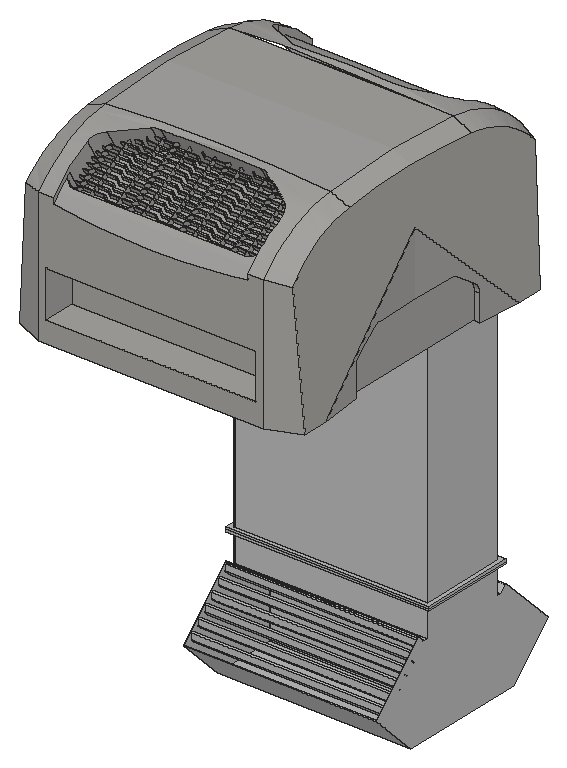
Revit family "OXeN X2-W-1.2-H podstropní_RFA2019", category Mechanical Equipment, host Face, Revit 2019
Family settings
  Host = Face
  Round Connector Dimension = Use Diameter
  Part Type = Normal
  Cut with Voids When Loaded = No
  Shared = No
  Room Calculation Point = No
Parameters (values of type "X2-W-1.2-H")
  Weight of unit filled with water = 73.40 kg
  Weight of unit = 72.60 kg
  Water stream flow in the heat exchanger = 0 L/s
  Water pressure drop in the heat exchanger = 0 kPa
  URL = "www.hydronic.cz"
  Type Comments = "podstropní instalace; výměník PN16; twmax=95°C; regulace vzduchového výkonu - spojitá 0-100%; filtr =EU4; IP42; vertikální neizotermický (dt=5K) dosah pro koncovou rychlost 0,2m/s =max.4,5m"
  Thickness of the ceiling [instance] = 370.00 mm
  Product data = ""
  Power supply = 230 V
  Power ratio = 0.98
  Outlet water temperature (Tw2) = 0 °C
  Outlet air temperature (Tp2) = 0 °C
  Max. current consumption = 1.9 A
  Material = FLOWAIR-EPP-Gray
  Manufacturer = "Hydronic Systems Prague s.r.o."
  Load classification = Motor
  Keynote = ""
  Inlet water temperature (Tw1) = 0 °C
  Inlet air temperature (Tp1) = 0 °C
  Heating capacity = 0 kW
  Distance from the ceiling [instance] = 100.00 mm
  Description = "Bezkanálová větrací jednotka s rekuperací"
  Model = "OXeN X2-W-1.2-H"
  IP = "42"
  Default Elevation = 0.00 mm
  Connection = 1/2"
  Author = ""
  Assembly Code = "30032; podstropní; s teplovodním dohřevem - P=10kW při 80/60/5; (Qmax=1200m3/h při 100% vzduchovém výkonu a dpext=0Pa);"
  Apparent power = Power supply * Max. current consumption  # 437 VA
  Air flow = 1200 m³/h
Reference planes
  plane 1 "Środek (Przód/Tył)": y = 0
  plane 2: z = 0
  plane 3 "Środek (Lewa/Prawa)": x = 0
  plane 4: z = -370
  plane 5: y = 1127.769
  plane 6: z = 100
  plane 7: z = 20
  plane 8: z = -980
Forms (mm)
  Extrusion 1, void
    sketch origin (0, 0, 0) x (0, 1, 0) y (0, 0, 1)
      loop
        line (1332.769, 0) -> (922.769, 0) -> (922.769, -370) -> (1332.769, -370) -> (1332.769, 0)
    from 422.5 to -422.5
Dimensions and locks
  "Thickness of the ceiling": level to plane 4
  "Distance from the ceiling": plane 6 to level
  locked: plane 6 to plane 7 at 80
  locked: plane 8 to plane 7 at 1000
  aligned and locked: plane 2 to host face
  aligned and locked: level to host face
  aligned and locked: Extrusion 1 sketch curve to level
  aligned and locked: plane 4 to Extrusion 1 sketch curve
  aligned and locked: plane 3 "Środek (Lewa/Prawa)" to nested 2
  aligned and locked: nested 2 to plane 5
  aligned and locked: nested 3 to plane 5
  aligned and locked: plane 3 "Środek (Lewa/Prawa)" to nested 3
  aligned and locked: plane 6 to nested 3
  aligned and locked: nested 2 to plane 7
  aligned and locked: nested 4 to plane 8
  aligned and locked: nested 4 to plane 5
  aligned and locked: plane 3 "Środek (Lewa/Prawa)" to nested 4
Automatic sketch dimensions
  host sketch curve to host sketch curve = 2438.40 mm
  host sketch curve to host sketch curve = 1900.00 mm
  Extrusion 1 sketch curve to plane 1 "Środek (Przód/Tył)" = 922.769 mm
  Extrusion 1 sketch curve to Extrusion 1 sketch curve = 410.00 mm
Nested families
  nested 1: "OXeN" at (0, 0, 100), built-in parameter 1001364 <- "Distance from the ceiling", type "OXeN"
  nested 2: "FLOWAIR OxE-H" at (0, 1127.769, -980), type "OxE-H"
  nested 3: "FLOWAIR OxC2-H" at (0, 1127.769, 20), type "OxC2-H"
  nested 4: "FLOWAIR OxS-H" at (0, 1127.769, -980), type "OxS-H"
Connectors
  piping at (495, 239, 353), diameter 12.7, driven by "Connection", driven by "Water stream flow in the heat exchanger", driven by "Water pressure drop in the heat exchanger"
    settings: on nested 1, index 6, connector inside diameter 24", connector length 0.00 mm, flow factor 0, pipe flow 0 L/s, pressure drop 0 kPa, fitting loss kfactor 0, connector angle 0.00°, fixture units 0, engagement length 0.00 mm, angle of deflection 0.00°, flow configuration 1, flow direction 2, fitting loss method 4, system type 8, joint type 0, gender type 0, connector reference index -1, connector utility 0, adjustable connector no, is connector primary no, connector description ""
  piping at (480, 189, 378), diameter 12.7, driven by "Connection", driven by "Water stream flow in the heat exchanger", driven by "Water pressure drop in the heat exchanger"
    settings: on nested 1, index 7, connector inside diameter 24", connector length 0.00 mm, flow factor 0, pipe flow 0 L/s, pressure drop 0 kPa, fitting loss kfactor 0, connector angle 0.00°, fixture units 0, engagement length 0.00 mm, angle of deflection 0.00°, flow configuration 1, flow direction 1, fitting loss method 4, system type 7, joint type 0, gender type 0, connector reference index -1, connector utility 0, adjustable connector no, is connector primary yes, connector description ""
  electrical at (0, 684.634, 100), driven by "Power supply", driven by "Apparent power", driven by "Power ratio", driven by "Load classification"
    settings: on nested 1, index 8, voltage 230 V, apparent load 437 VA, apparent load phase1 0 VA, apparent load phase2 0 VA, apparent load phase3 0 VA, power factor 0.98, load classification "Motor", number of poles 1, system type 30, power factor state 1, is connector primary yes, connector utility no, sub classification motor no, connector description ""
  electrical at (545, 684.634, 241.254)
    settings: on nested 1, index 9, voltage 0 V, apparent load 0 VA, apparent load phase1 0 VA, apparent load phase2 0 VA, apparent load phase3 0 VA, power factor 1, load classification "Inne", number of poles 1, system type 13, power factor state 1, is connector primary no, connector utility no, sub classification motor no, connector description ""
Definition of nested family "OXeN"
  Parameters
    materiał = none
  Reference planes
    plane 1 "Środek (Przód/Tył)": y = 0
    plane 2: z = 0
    plane 3 "Środek (Lewa/Prawa)": x = 0
    plane 4: y = 684.634
    plane 5: through (0, 340, 716.901) normal (0, -0.5, 0.866)
  Forms (mm)
    Sweep 1, solid, material <- "materiał", detail levels fine
      path origin (0, 0, 0) x (0, 1, 0) y (0, 0, 1)
        loop
          line (1369.269, 0) -> (1369.269, 562.087)
          arc (1369.269, 562.087) -> (1205.496, 690.06) -> (1006.547, 750.205) r 565.368
          arc (1006.547, 750.205) -> (684.634, 767.72) -> (362.722, 750.205) r 2966.958
          arc (362.722, 750.205) -> (163.772, 690.06) -> (0, 562.087) r 565.368
          line (0, 562.087) -> (0, 0)
      profile origin (0, 1369.269, 281.043) x (0, -1, 0) y (1, 0, 0)
        loop
          line (20, -465) -> (159.403, -465) -> (159.403, 465) -> (20, 465)
          arc (20, 465) -> (0, 0) -> (20, -465) r 5415.625
    Sweep 2, solid, material <- "materiał", detail levels fine
      path origin (0, 0, 0) x (0, 1, 0) y (0, 0, 1)
        loop
          line (1369.269, 0) -> (1369.269, 514.96)
          arc (1369.269, 514.96) -> (1207.249, 655.027) -> (1003.292, 720.382) r 535.368
          arc (1003.292, 720.382) -> (684.634, 737.72) -> (365.977, 720.382) r 2936.958
          arc (365.977, 720.382) -> (162.02, 655.027) -> (0, 514.96) r 535.368
          line (0, 514.96) -> (0, 0)
      profile origin (0, 1369.269, 257.48) x (0, -1, 0) y (1, 0, 0)
        loop
          line (20, -465) -> (159.403, -465) -> (159.403, 465) -> (20, 465)
          arc (20, 465) -> (0, 0) -> (20, -465) r 5415.625
    Extrusion 3, void
      sketch origin (0, 0, 0) x (1, 0, 0) y (0, 1, 0)
        loop
          arc (207.827, 1029.269) -> (224.356, 1031.476) -> (239.726, 1037.942) r 63
          line (239.726, 1037.942) -> (367.198, 1112.79)
          arc (367.198, 1112.79) -> (392.866, 1138.741) -> (402.248, 1174.016) r 71
          line (402.248, 1174.016) -> (402.248, 1377.626) -> (-402.248, 1377.626) -> (-402.248, 1174.016)
          arc (-402.248, 1174.016) -> (-392.866, 1138.741) -> (-367.198, 1112.79) r 71
          line (-367.198, 1112.79) -> (-239.726, 1037.942)
          arc (-239.726, 1037.942) -> (-224.356, 1031.476) -> (-207.827, 1029.269) r 63
          line (-207.827, 1029.269) -> (207.827, 1029.269)
      from 490.327 to 774.857
    Extrusion 4, solid, material <- "materiał", detail levels fine
      sketch origin (0, 0, 0) x (0, 1, 0) y (0, 0, 1)
        loop
          arc (1209.866, 455.203) -> (1106.984, 527.552) -> (985.997, 561.92) r 375.966
          arc (985.997, 561.92) -> (684.634, 578.317) -> (383.272, 561.92) r 2777.556
          arc (383.272, 561.92) -> (262.285, 527.552) -> (159.403, 455.203) r 375.966
          line (159.403, 455.203) -> (159.403, 0) -> (1209.866, 0) -> (1209.866, 455.203)
      from -465 to 465
    Blend 5, solid, material <- "materiał", detail levels fine
      base sketch origin (0, 0, 0) x (0, 1, 0) y (0, 0, 1)
        loop
          arc (1004.377, 730.323) -> (684.634, 747.72) -> (364.892, 730.323) r 2946.958
          arc (364.892, 730.323) -> (176.315, 674.021) -> (20, 554.451) r 545.368
          line (20, 554.451) -> (20, 0) -> (1349.269, 0) -> (1349.269, 554.451)
          arc (1349.269, 554.451) -> (1192.954, 674.021) -> (1004.377, 730.323) r 545.368
      top sketch origin (0, 0, 0) x (0, 1, 0) y (0, 0, 1)
        loop
          line (1294.269, 0) -> (1294.269, 532.58)
          arc (1294.269, 532.58) -> (1158.681, 629.636) -> (998.409, 675.647) r 490.368
          arc (998.409, 675.647) -> (684.634, 692.72) -> (370.86, 675.647) r 2891.958
          arc (370.86, 675.647) -> (210.588, 629.636) -> (75, 532.58) r 490.368
          line (75, 532.58) -> (75, 0) -> (1294.269, 0)
      from 465 to 589
    Blend 6, solid, material <- "materiał", detail levels fine
      base sketch origin (0, 0, 0) x (0, 1, 0) y (0, 0, -1)
        loop
          arc (1004.377, -730.323) -> (1192.954, -674.021) -> (1349.269, -554.451) r 545.368
          line (1349.269, -554.451) -> (1349.269, 0) -> (20, 0) -> (20, -554.451)
          arc (20, -554.451) -> (176.315, -674.021) -> (364.892, -730.323) r 545.368
          arc (364.892, -730.323) -> (684.634, -747.72) -> (1004.377, -730.323) r 2946.958
      top sketch origin (0, 0, 0) x (0, 1, 0) y (0, 0, -1)
        loop
          line (1294.269, 0) -> (75, 0) -> (75, -532.58)
          arc (75, -532.58) -> (210.588, -629.636) -> (370.86, -675.647) r 490.368
          arc (370.86, -675.647) -> (684.634, -692.72) -> (998.409, -675.647) r 2891.958
          arc (998.409, -675.647) -> (1158.681, -629.636) -> (1294.269, -532.58) r 490.368
          line (1294.269, -532.58) -> (1294.269, 0)
      from 465 to 589
    Blend 7, solid, material <- "materiał", detail levels medium
      base sketch origin (0, 0, 0) x (0, 1, 0) y (0, 0, -1)
        loop
          arc (1004.377, -730.323) -> (1192.954, -674.021) -> (1349.269, -554.451) r 545.368
          line (1349.269, -554.451) -> (1349.269, 0) -> (20, 0) -> (20, -554.451)
          arc (20, -554.451) -> (176.315, -674.021) -> (364.892, -730.323) r 545.368
          arc (364.892, -730.323) -> (684.634, -747.72) -> (1004.377, -730.323) r 2946.958
      top sketch origin (0, 0, 0) x (0, 1, 0) y (0, 0, -1)
        loop
          line (1294.269, 0) -> (75, 0) -> (75, -532.58)
          arc (75, -532.58) -> (210.588, -629.636) -> (370.86, -675.647) r 490.368
          arc (370.86, -675.647) -> (684.634, -692.72) -> (998.409, -675.647) r 2891.958
          arc (998.409, -675.647) -> (1158.681, -629.636) -> (1294.269, -532.58) r 490.368
          line (1294.269, -532.58) -> (1294.269, 0)
      from 465 to 589
    Blend 8, solid, material <- "materiał", detail levels medium
      base sketch origin (0, 0, 0) x (0, 1, 0) y (0, 0, 1)
        loop
          arc (1004.377, 730.323) -> (684.634, 747.72) -> (364.892, 730.323) r 2946.958
          arc (364.892, 730.323) -> (176.315, 674.021) -> (20, 554.451) r 545.368
          line (20, 554.451) -> (20, 0) -> (1349.269, 0) -> (1349.269, 554.451)
          arc (1349.269, 554.451) -> (1192.954, 674.021) -> (1004.377, 730.323) r 545.368
      top sketch origin (0, 0, 0) x (0, 1, 0) y (0, 0, 1)
        loop
          line (1294.269, 0) -> (1294.269, 532.58)
          arc (1294.269, 532.58) -> (1158.681, 629.636) -> (998.409, 675.647) r 490.368
          arc (998.409, 675.647) -> (684.634, 692.72) -> (370.86, 675.647) r 2891.958
          arc (370.86, 675.647) -> (210.588, 629.636) -> (75, 532.58) r 490.368
          line (75, 532.58) -> (75, 0) -> (1294.269, 0)
      from 465 to 589
    Extrusion 9, void
      sketch origin (0, 0, 0) x (1, 0, 0) y (0, 0, 1)
        loop
          line (-589, 0) -> (-536.635, 775) -> (-589, 775) -> (-589, 0)
      from 0 to -1374.955
    Extrusion 10, void
      sketch origin (0, 0, 0) x (-1, 0, 0) y (0, 0, -1)
        loop
          line (-589, 0) -> (-589, -775) -> (-536.635, -775) -> (-589, 0)
      from 0 to -1374.955
    Extrusion 11, void
      sketch origin (0, 0, 0) x (1, 0, 0) y (0, 1, 0)
        loop
          arc (-589, 183.209) -> (-556, 684.634) -> (-589, 1186.059) r 3826
          line (-589, 1186.059) -> (-589, 183.209)
      from 0 to 801.676
    Extrusion 12, void
      sketch origin (0, 0, 0) x (-1, 0, 0) y (0, -1, 0)
        loop
          line (-589, -183.209) -> (-589, -1186.059)
          arc (-589, -1186.059) -> (-556, -684.634) -> (-589, -183.209) r 3826
      from 0 to 801.676
    Extrusion 13, void
      sketch origin (0, 0, 0) x (0, 1, 0) y (0, 0, 1)
        loop
          line (362.983, 0) -> (1006.285, 0) -> (1006.285, 108.958)
          arc (1006.285, 108.958) -> (999.442, 136.785) -> (980.474, 158.264) r 60
          line (980.474, 158.264) -> (899.838, 214.177)
          arc (899.838, 214.177) -> (883.561, 222.135) -> (865.65, 224.871) r 60
          line (865.65, 224.871) -> (503.619, 224.871)
          arc (503.619, 224.871) -> (485.708, 222.135) -> (469.43, 214.177) r 60
          line (469.43, 214.177) -> (388.795, 158.264)
          arc (388.795, 158.264) -> (369.826, 136.785) -> (362.983, 108.958) r 60
          line (362.983, 108.958) -> (362.983, 0)
      from -589 to -545
    Extrusion 14, void
      sketch origin (0, 0, 0) x (0, 1, 0) y (0, 0, -1)
        loop
          line (362.983, 0) -> (362.983, -108.958)
          arc (362.983, -108.958) -> (369.826, -136.785) -> (388.795, -158.264) r 60
          line (388.795, -158.264) -> (469.43, -214.177)
          arc (469.43, -214.177) -> (485.708, -222.135) -> (503.619, -224.871) r 60
          line (503.619, -224.871) -> (865.65, -224.871)
          arc (865.65, -224.871) -> (883.561, -222.135) -> (899.838, -214.177) r 60
          line (899.838, -214.177) -> (980.474, -158.264)
          arc (980.474, -158.264) -> (999.442, -136.785) -> (1006.285, -108.958) r 60
          line (1006.285, -108.958) -> (1006.285, 0) -> (362.983, 0)
      from -589 to -545
    Sweep 15, solid, material <- "materiał", detail levels medium
      path origin (0, 0, 0) x (0, 1, 0) y (0, 0, 1)
        loop
          line (1369.269, 0) -> (1369.269, 562.087)
          arc (1369.269, 562.087) -> (1205.496, 690.06) -> (1006.547, 750.205) r 565.368
          arc (1006.547, 750.205) -> (684.634, 767.72) -> (362.722, 750.205) r 2966.958
          arc (362.722, 750.205) -> (163.772, 690.06) -> (0, 562.087) r 565.368
          line (0, 562.087) -> (0, 0)
      profile origin (0, 1369.269, 281.043) x (0, -1, 0) y (1, 0, 0)
        loop
          line (20, -465) -> (264.634, -465) -> (264.634, 465) -> (20, 465)
          arc (20, 465) -> (0, 0) -> (20, -465) r 5415.625
    Extrusion 16, solid, material <- "materiał", detail levels medium
      sketch origin (0, 0, 0) x (0, 1, 0) y (0, 0, 1)
        loop
          arc (1104.634, 443.17) -> (1043.718, 472.315) -> (977.834, 487.132) r 300.734
          arc (977.834, 487.132) -> (684.634, 503.085) -> (391.435, 487.132) r 2702.324
          arc (391.435, 487.132) -> (325.551, 472.315) -> (264.634, 443.17) r 300.734
          line (264.634, 443.17) -> (264.634, 0) -> (1104.634, 0) -> (1104.634, 443.17)
      from -465 to 465
    Extrusion 17, solid, material <- "materiał", detail levels coarse
      sketch origin (0, 0, 0) x (0, 1, 0) y (0, 0, 1)
        loop
          line (1369.269, 0) -> (1369.269, 562.087)
          arc (1369.269, 562.087) -> (1205.496, 690.06) -> (1006.547, 750.205) r 565.368
          arc (1006.547, 750.205) -> (684.634, 767.72) -> (362.722, 750.205) r 2966.958
          arc (362.722, 750.205) -> (163.772, 690.06) -> (0, 562.087) r 565.368
          line (0, 562.087) -> (0, 0) -> (1369.269, 0)
      from -589 to 589
    Extrusion 18, void
      sketch origin (0, 0, 0) x (0, 1, 0) y (0, 0, 1)
        loop
          line (-35, 92) -> (150, 92) -> (150, 282) -> (-35, 282) -> (-35, 92)
      from -435 to 435
    Extrusion 19, solid, not visible
      sketch origin (0, 0, 0) x (1, 0, 0) y (0, 1, 0)
        loop
          circle (480, 189) r 8
      from 278 to 376
    Extrusion 20, solid, not visible
      sketch origin (0, 0, 0) x (1, 0, 0) y (0, 1, 0)
        loop
          circle (495, 239) r 8
      from 253 to 376
    Extrusion 21, void
      sketch origin (0, 340, 716.901) x (0, 0.866025, 0.5) y (-1, 0, 0)
        loop
          arc (0, 207.827) -> (-2.207, 224.356) -> (-8.673, 239.726) r 63
          line (-8.673, 239.726) -> (-83.521, 367.198)
          arc (-83.521, 367.198) -> (-109.472, 392.866) -> (-144.747, 402.248) r 71
          line (-144.747, 402.248) -> (-261.299, 402.248)
          arc (-261.299, 402.248) -> (-276.188, 399.025) -> (-288.411, 389.933) r 36
          line (-288.411, 389.933) -> (-300.148, 376.497)
          arc (-300.148, 376.497) -> (-305.31, 368.081) -> (-307.168, 358.385) r 27.506
          line (-307.168, 358.385) -> (-307.168, -358.385)
          arc (-307.168, -358.385) -> (-305.31, -368.081) -> (-300.148, -376.497) r 27.506
          line (-300.148, -376.497) -> (-288.411, -389.933)
          arc (-288.411, -389.933) -> (-276.188, -399.025) -> (-261.299, -402.248) r 36
          line (-261.299, -402.248) -> (-144.747, -402.248)
          arc (-144.747, -402.248) -> (-109.472, -392.866) -> (-83.521, -367.198) r 71
          line (-83.521, -367.198) -> (-8.673, -239.726)
          arc (-8.673, -239.726) -> (-2.207, -224.356) -> (0, -207.827) r 63
          line (0, -207.827) -> (0, 207.827)
      from -100 to 100
    Extrusion 22, solid, material <- "materiał", detail levels fine
      sketch origin (0, 340, 716.901) x (0, 0.866025, 0.5) y (-1, 0, 0)
        loop
          line (-236.262, -383.565) -> (-236.262, -402.248) -> (-233.262, -402.248) -> (-233.262, -384.96) -> (-218.262, -369.97) -> (-218.262, -324.043) -> (-196.262, -324.043) -> (-196.262, -368.757) -> (-211.262, -383.565) -> (-211.262, -402.248) -> (-208.262, -402.248) -> (-208.262, -384.96) -> (-193.262, -369.97) -> (-193.262, -324.043) -> (-171.262, -324.043) -> (-171.262, -368.757) -> (-186.262, -383.565) -> (-186.262, -402.248) -> (-183.262, -402.248) -> (-183.262, -384.96) -> (-168.262, -369.97) -> (-168.262, -324.043) -> (-146.262, -324.043) -> (-146.262, -368.757) -> (-161.262, -383.565) -> (-161.262, -402.248) -> (-158.262, -402.248) -> (-158.262, -384.96) -> (-143.262, -369.97) -> (-143.262, -324.043) -> (-121.262, -324.043) -> (-121.262, -368.757) -> (-136.262, -383.565) -> (-136.262, -401.74)
          arc (-136.262, -401.74) -> (-134.76, -401.542) -> (-133.262, -401.313) r 71
          line (-133.262, -401.313) -> (-133.262, -384.96) -> (-118.262, -369.97) -> (-118.262, -324.043) -> (-96.262, -324.043) -> (-96.262, -368.757) -> (-111.262, -383.565) -> (-111.262, -393.856)
          arc (-111.262, -393.856) -> (-109.752, -393.025) -> (-108.262, -392.157) r 71
          line (-108.262, -392.157) -> (-108.262, -384.96) -> (-93.262, -369.97) -> (-93.262, -324.043) -> (-71.262, -324.043) -> (-71.262, -346.32) -> (-68.262, -341.211) -> (-68.262, -324.043) -> (-58.182, -324.043) -> (-57.007, -322.043) -> (-68.262, -322.043) -> (-68.262, -276.117) -> (-83.262, -261.127) -> (-83.262, -217.918) -> (-61.262, -217.918) -> (-61.262, -262.522) -> (-46.262, -277.33) -> (-46.262, -303.743) -> (-43.262, -298.634) -> (-43.262, -276.117) -> (-58.262, -261.127) -> (-58.262, -217.918) -> (-36.262, -217.918) -> (-36.262, -262.522) -> (-27.27, -271.398) -> (-25.685, -268.699) -> (-33.262, -261.127) -> (-33.262, -217.918) -> (-11.262, -217.918) -> (-11.262, -244.135) -> (-8.262, -239.026) -> (-8.262, -217.918) -> (-0.814, -217.918)
          arc (-0.814, -217.918) -> (-0.561, -216.209) -> (-0.354, -214.493) r 63
          line (-0.354, -214.493) -> (-8.262, -214.493) -> (-8.262, -171.284) -> (0, -163.028) -> (0, -158.771) -> (-11.262, -169.889) -> (-11.262, -214.493) -> (-33.262, -214.493) -> (-33.262, -171.284) -> (-18.262, -156.294) -> (-18.262, -110.368) -> (0, -110.368) -> (0, -108.368) -> (-18.262, -108.368) -> (-18.262, -62.441) -> (-33.262, -47.451) -> (-33.262, -1.625) -> (-11.262, -1.625) -> (-11.262, -48.846) -> (0, -59.964) -> (0, -55.708) -> (-8.262, -47.451) -> (-8.262, -1.625) -> (0, -1.625) -> (0, 1.625) -> (-8.262, 1.625) -> (-8.262, 42.216) -> (0, 50.473) -> (0, 54.729) -> (-11.262, 43.612) -> (-11.262, 1.625) -> (-33.262, 1.625) -> (-33.262, 42.216) -> (-18.262, 57.206) -> (-18.262, 103.133) -> (0, 103.133) -> (0, 105.133) -> (-18.262, 105.133) -> (-18.262, 151.06) -> (-33.262, 166.05) -> (-33.262, 209.258) -> (-11.262, 209.258) -> (-11.262, 164.654) -> (0, 153.537) -> (0, 157.793) -> (-8.262, 166.05) -> (-8.262, 209.258) -> (-0.017, 209.258)
          arc (-0.017, 209.258) -> (-0.075, 210.884) -> (-0.175, 212.509) r 63
          line (-0.175, 212.509) -> (-8.262, 212.509) -> (-8.262, 239.026) -> (-11.262, 244.135) -> (-11.262, 212.509) -> (-33.262, 212.509) -> (-33.262, 255.717) -> (-23.683, 265.29) -> (-25.26, 267.974) -> (-36.262, 257.112) -> (-36.262, 212.509) -> (-58.262, 212.509) -> (-58.262, 255.717) -> (-43.262, 270.707) -> (-43.262, 298.634) -> (-46.262, 303.743) -> (-46.262, 271.92) -> (-61.262, 257.112) -> (-61.262, 212.509) -> (-83.262, 212.509) -> (-83.262, 255.717) -> (-68.262, 270.707) -> (-68.262, 316.634) -> (-53.831, 316.634) -> (-55.005, 318.634) -> (-68.262, 318.634) -> (-68.262, 341.211) -> (-71.262, 346.32) -> (-71.262, 318.634) -> (-93.262, 318.634) -> (-93.262, 364.56) -> (-108.262, 379.55) -> (-108.262, 392.157)
          arc (-108.262, 392.157) -> (-109.752, 393.025) -> (-111.262, 393.856) r 71
          line (-111.262, 393.856) -> (-111.262, 378.155) -> (-96.262, 363.348) -> (-96.262, 318.634) -> (-118.262, 318.634) -> (-118.262, 364.56) -> (-133.262, 379.55) -> (-133.262, 401.313)
          arc (-133.262, 401.313) -> (-134.76, 401.542) -> (-136.262, 401.74) r 71
          line (-136.262, 401.74) -> (-136.262, 378.155) -> (-121.262, 363.348) -> (-121.262, 318.634) -> (-143.262, 318.634) -> (-143.262, 364.56) -> (-158.262, 379.55) -> (-158.262, 402.248) -> (-161.262, 402.248) -> (-161.262, 378.155) -> (-146.262, 363.348) -> (-146.262, 318.634) -> (-168.262, 318.634) -> (-168.262, 364.56) -> (-183.262, 379.55) -> (-183.262, 402.248) -> (-186.262, 402.248) -> (-186.262, 378.155) -> (-171.262, 363.348) -> (-171.262, 318.634) -> (-193.262, 318.634) -> (-193.262, 364.56) -> (-208.262, 379.55) -> (-208.262, 402.248) -> (-211.262, 402.248) -> (-211.262, 378.155) -> (-196.262, 363.348) -> (-196.262, 318.634) -> (-218.262, 318.634) -> (-218.262, 364.56) -> (-233.262, 379.55) -> (-233.262, 402.248) -> (-236.262, 402.248) -> (-236.262, 378.155) -> (-221.262, 363.348) -> (-221.262, 318.634) -> (-243.262, 318.634) -> (-243.262, 364.56) -> (-258.262, 379.55) -> (-258.262, 402.248) -> (-261.262, 402.248) -> (-261.262, 378.155) -> (-246.262, 363.348) -> (-246.262, 318.634) -> (-268.262, 318.634) -> (-268.262, 364.56) -> (-283.262, 379.55) -> (-283.262, 394.772)
          arc (-283.262, 394.772) -> (-284.798, 393.521) -> (-286.262, 392.187) r 36
          line (-286.262, 392.187) -> (-286.262, 378.155) -> (-271.262, 363.348) -> (-271.262, 318.634) -> (-293.262, 318.634) -> (-293.262, 364.56) -> (-302.371, 373.663)
          arc (-302.371, 373.663) -> (-303.219, 372.343) -> (-303.99, 370.977) r 27.506
          line (-303.99, 370.977) -> (-296.262, 363.348) -> (-296.262, 318.634) -> (-307.168, 318.634) -> (-307.168, 316.634) -> (-296.262, 316.634) -> (-296.262, 271.92) -> (-307.168, 261.154) -> (-307.168, 256.811) -> (-293.262, 270.707) -> (-293.262, 316.634) -> (-271.262, 316.634) -> (-271.262, 271.92) -> (-286.262, 257.112) -> (-286.262, 212.509) -> (-307.168, 212.509) -> (-307.168, 209.258) -> (-286.262, 209.258) -> (-286.262, 164.654) -> (-271.262, 149.847) -> (-271.262, 105.133) -> (-293.262, 105.133) -> (-293.262, 151.06) -> (-307.168, 164.956) -> (-307.168, 160.613) -> (-296.262, 149.847) -> (-296.262, 105.133) -> (-307.168, 105.133) -> (-307.168, 103.133) -> (-296.262, 103.133) -> (-296.262, 58.419) -> (-307.168, 47.653) -> (-307.168, 43.31) -> (-293.262, 57.206) -> (-293.262, 103.133) -> (-271.262, 103.133) -> (-271.262, 58.419) -> (-286.262, 43.612) -> (-286.262, 1.625) -> (-307.168, 1.625) -> (-307.168, -1.625) -> (-286.262, -1.625) -> (-286.262, -48.846) -> (-271.262, -63.654) -> (-271.262, -108.368) -> (-293.262, -108.368) -> (-293.262, -62.441) -> (-307.168, -48.545) -> (-307.168, -52.888) -> (-296.262, -63.654) -> (-296.262, -108.368) -> (-307.168, -108.368) -> (-307.168, -110.368) -> (-296.262, -110.368) -> (-296.262, -155.082) -> (-307.168, -165.847) -> (-307.168, -170.191) -> (-293.262, -156.294) -> (-293.262, -110.368) -> (-271.262, -110.368) -> (-271.262, -155.082) -> (-286.262, -169.889) -> (-286.262, -214.493) -> (-307.168, -214.493) -> (-307.168, -217.918) -> (-286.262, -217.918) -> (-286.262, -262.522) -> (-271.262, -277.33) -> (-271.262, -322.043) -> (-293.262, -322.043) -> (-293.262, -276.117) -> (-307.168, -262.22) -> (-307.168, -266.564) -> (-296.262, -277.33) -> (-296.262, -322.043) -> (-307.168, -322.043) -> (-307.168, -324.043) -> (-296.262, -324.043) -> (-296.262, -368.757) -> (-301.903, -374.326)
          arc (-301.903, -374.326) -> (-300.974, -375.531) -> (-299.98, -376.683) r 27.506
          line (-299.98, -376.683) -> (-293.262, -369.97) -> (-293.262, -324.043) -> (-271.262, -324.043) -> (-271.262, -368.757) -> (-286.262, -383.565) -> (-286.262, -392.187)
          arc (-286.262, -392.187) -> (-284.798, -393.521) -> (-283.262, -394.772) r 36
          line (-283.262, -394.772) -> (-283.262, -384.96) -> (-268.262, -369.97) -> (-268.262, -324.043) -> (-246.262, -324.043) -> (-246.262, -368.757) -> (-261.262, -383.565) -> (-261.262, -402.248) -> (-258.262, -402.248) -> (-258.262, -384.96) -> (-243.262, -369.97) -> (-243.262, -324.043) -> (-221.262, -324.043) -> (-221.262, -368.757) -> (-236.262, -383.565)
        loop
          line (-221.262, -322.043) -> (-221.262, -277.33) -> (-236.262, -262.522) -> (-236.262, -217.918) -> (-258.262, -217.918) -> (-258.262, -261.127) -> (-243.262, -276.117) -> (-243.262, -322.043) -> (-221.262, -322.043)
        loop
          line (-233.262, -217.918) -> (-233.262, -261.127) -> (-218.262, -276.117) -> (-218.262, -322.043) -> (-196.262, -322.043) -> (-196.262, -277.33) -> (-211.262, -262.522) -> (-211.262, -217.918) -> (-233.262, -217.918)
        loop
          line (-236.262, -169.889) -> (-221.262, -155.082) -> (-221.262, -110.368) -> (-243.262, -110.368) -> (-243.262, -156.294) -> (-258.262, -171.284) -> (-258.262, -214.493) -> (-236.262, -214.493) -> (-236.262, -169.889)
        loop
          line (-218.262, -110.368) -> (-218.262, -156.294) -> (-233.262, -171.284) -> (-233.262, -214.493) -> (-211.262, -214.493) -> (-211.262, -169.889) -> (-196.262, -155.082) -> (-196.262, -110.368) -> (-218.262, -110.368)
        loop
          line (-221.262, -108.368) -> (-221.262, -63.654) -> (-236.262, -48.846) -> (-236.262, -1.625) -> (-258.262, -1.625) -> (-258.262, -47.451) -> (-243.262, -62.441) -> (-243.262, -108.368) -> (-221.262, -108.368)
        loop
          line (-233.262, -1.625) -> (-233.262, -47.451) -> (-218.262, -62.441) -> (-218.262, -108.368) -> (-196.262, -108.368) -> (-196.262, -63.654) -> (-211.262, -48.846) -> (-211.262, -1.625) -> (-233.262, -1.625)
        loop
          line (-236.262, 43.612) -> (-221.262, 58.419) -> (-221.262, 103.133) -> (-243.262, 103.133) -> (-243.262, 57.206) -> (-258.262, 42.216) -> (-258.262, 1.625) -> (-236.262, 1.625) -> (-236.262, 43.612)
        loop
          line (-218.262, 103.133) -> (-218.262, 57.206) -> (-233.262, 42.216) -> (-233.262, 1.625) -> (-211.262, 1.625) -> (-211.262, 43.612) -> (-196.262, 58.419) -> (-196.262, 103.133) -> (-218.262, 103.133)
        loop
          line (-221.262, 105.133) -> (-221.262, 149.847) -> (-236.262, 164.654) -> (-236.262, 209.258) -> (-258.262, 209.258) -> (-258.262, 166.05) -> (-243.262, 151.06) -> (-243.262, 105.133) -> (-221.262, 105.133)
        loop
          line (-233.262, 209.258) -> (-233.262, 166.05) -> (-218.262, 151.06) -> (-218.262, 105.133) -> (-196.262, 105.133) -> (-196.262, 149.847) -> (-211.262, 164.654) -> (-211.262, 209.258) -> (-233.262, 209.258)
        loop
          line (-236.262, 257.112) -> (-221.262, 271.92) -> (-221.262, 316.634) -> (-243.262, 316.634) -> (-243.262, 270.707) -> (-258.262, 255.717) -> (-258.262, 212.509) -> (-236.262, 212.509) -> (-236.262, 257.112)
        loop
          line (-218.262, 316.634) -> (-218.262, 270.707) -> (-233.262, 255.717) -> (-233.262, 212.509) -> (-211.262, 212.509) -> (-211.262, 257.112) -> (-196.262, 271.92) -> (-196.262, 316.634) -> (-218.262, 316.634)
        loop
          line (-246.262, -322.043) -> (-246.262, -277.33) -> (-261.262, -262.522) -> (-261.262, -217.918) -> (-283.262, -217.918) -> (-283.262, -261.127) -> (-268.262, -276.117) -> (-268.262, -322.043) -> (-246.262, -322.043)
        loop
          line (-261.262, -169.889) -> (-246.262, -155.082) -> (-246.262, -110.368) -> (-268.262, -110.368) -> (-268.262, -156.294) -> (-283.262, -171.284) -> (-283.262, -214.493) -> (-261.262, -214.493) -> (-261.262, -169.889)
        loop
          line (-246.262, -108.368) -> (-246.262, -63.654) -> (-261.262, -48.846) -> (-261.262, -1.625) -> (-283.262, -1.625) -> (-283.262, -47.451) -> (-268.262, -62.441) -> (-268.262, -108.368) -> (-246.262, -108.368)
        loop
          line (-261.262, 43.612) -> (-246.262, 58.419) -> (-246.262, 103.133) -> (-268.262, 103.133) -> (-268.262, 57.206) -> (-283.262, 42.216) -> (-283.262, 1.625) -> (-261.262, 1.625) -> (-261.262, 43.612)
        loop
          line (-246.262, 105.133) -> (-246.262, 149.847) -> (-261.262, 164.654) -> (-261.262, 209.258) -> (-283.262, 209.258) -> (-283.262, 166.05) -> (-268.262, 151.06) -> (-268.262, 105.133) -> (-246.262, 105.133)
        loop
          line (-261.262, 257.112) -> (-246.262, 271.92) -> (-246.262, 316.634) -> (-268.262, 316.634) -> (-268.262, 270.707) -> (-283.262, 255.717) -> (-283.262, 212.509) -> (-261.262, 212.509) -> (-261.262, 257.112)
        loop
          line (-208.262, -217.918) -> (-208.262, -261.127) -> (-193.262, -276.117) -> (-193.262, -322.043) -> (-171.262, -322.043) -> (-171.262, -277.33) -> (-186.262, -262.522) -> (-186.262, -217.918) -> (-208.262, -217.918)
        loop
          line (-193.262, -110.368) -> (-193.262, -156.294) -> (-208.262, -171.284) -> (-208.262, -214.493) -> (-186.262, -214.493) -> (-186.262, -169.889) -> (-171.262, -155.082) -> (-171.262, -110.368) -> (-193.262, -110.368)
        loop
          line (-208.262, -1.625) -> (-208.262, -47.451) -> (-193.262, -62.441) -> (-193.262, -108.368) -> (-171.262, -108.368) -> (-171.262, -63.654) -> (-186.262, -48.846) -> (-186.262, -1.625) -> (-208.262, -1.625)
        loop
          line (-193.262, 103.133) -> (-193.262, 57.206) -> (-208.262, 42.216) -> (-208.262, 1.625) -> (-186.262, 1.625) -> (-186.262, 43.612) -> (-171.262, 58.419) -> (-171.262, 103.133) -> (-193.262, 103.133)
        loop
          line (-208.262, 209.258) -> (-208.262, 166.05) -> (-193.262, 151.06) -> (-193.262, 105.133) -> (-171.262, 105.133) -> (-171.262, 149.847) -> (-186.262, 164.654) -> (-186.262, 209.258) -> (-208.262, 209.258)
        loop
          line (-193.262, 316.634) -> (-193.262, 270.707) -> (-208.262, 255.717) -> (-208.262, 212.509) -> (-186.262, 212.509) -> (-186.262, 257.112) -> (-171.262, 271.92) -> (-171.262, 316.634) -> (-193.262, 316.634)
        loop
          line (-183.262, -217.918) -> (-183.262, -261.127) -> (-168.262, -276.117) -> (-168.262, -322.043) -> (-146.262, -322.043) -> (-146.262, -277.33) -> (-161.262, -262.522) -> (-161.262, -217.918) -> (-183.262, -217.918)
        loop
          line (-168.262, -110.368) -> (-168.262, -156.294) -> (-183.262, -171.284) -> (-183.262, -214.493) -> (-161.262, -214.493) -> (-161.262, -169.889) -> (-146.262, -155.082) -> (-146.262, -110.368) -> (-168.262, -110.368)
        loop
          line (-183.262, -1.625) -> (-183.262, -47.451) -> (-168.262, -62.441) -> (-168.262, -108.368) -> (-146.262, -108.368) -> (-146.262, -63.654) -> (-161.262, -48.846) -> (-161.262, -1.625) -> (-183.262, -1.625)
        loop
          line (-168.262, 103.133) -> (-168.262, 57.206) -> (-183.262, 42.216) -> (-183.262, 1.625) -> (-161.262, 1.625) -> (-161.262, 43.612) -> (-146.262, 58.419) -> (-146.262, 103.133) -> (-168.262, 103.133)
        loop
          line (-183.262, 209.258) -> (-183.262, 166.05) -> (-168.262, 151.06) -> (-168.262, 105.133) -> (-146.262, 105.133) -> (-146.262, 149.847) -> (-161.262, 164.654) -> (-161.262, 209.258) -> (-183.262, 209.258)
        loop
          line (-168.262, 316.634) -> (-168.262, 270.707) -> (-183.262, 255.717) -> (-183.262, 212.509) -> (-161.262, 212.509) -> (-161.262, 257.112) -> (-146.262, 271.92) -> (-146.262, 316.634) -> (-168.262, 316.634)
        loop
          line (-158.262, -217.918) -> (-158.262, -261.127) -> (-143.262, -276.117) -> (-143.262, -322.043) -> (-121.262, -322.043) -> (-121.262, -277.33) -> (-136.262, -262.522) -> (-136.262, -217.918) -> (-158.262, -217.918)
        loop
          line (-143.262, -110.368) -> (-143.262, -156.294) -> (-158.262, -171.284) -> (-158.262, -214.493) -> (-136.262, -214.493) -> (-136.262, -169.889) -> (-121.262, -155.082) -> (-121.262, -110.368) -> (-143.262, -110.368)
        loop
          line (-158.262, -1.625) -> (-158.262, -47.451) -> (-143.262, -62.441) -> (-143.262, -108.368) -> (-121.262, -108.368) -> (-121.262, -63.654) -> (-136.262, -48.846) -> (-136.262, -1.625) -> (-158.262, -1.625)
        loop
          line (-143.262, 103.133) -> (-143.262, 57.206) -> (-158.262, 42.216) -> (-158.262, 1.625) -> (-136.262, 1.625) -> (-136.262, 43.612) -> (-121.262, 58.419) -> (-121.262, 103.133) -> (-143.262, 103.133)
        loop
          line (-158.262, 209.258) -> (-158.262, 166.05) -> (-143.262, 151.06) -> (-143.262, 105.133) -> (-121.262, 105.133) -> (-121.262, 149.847) -> (-136.262, 164.654) -> (-136.262, 209.258) -> (-158.262, 209.258)
        loop
          line (-143.262, 316.634) -> (-143.262, 270.707) -> (-158.262, 255.717) -> (-158.262, 212.509) -> (-136.262, 212.509) -> (-136.262, 257.112) -> (-121.262, 271.92) -> (-121.262, 316.634) -> (-143.262, 316.634)
        loop
          line (-133.262, -217.918) -> (-133.262, -261.127) -> (-118.262, -276.117) -> (-118.262, -322.043) -> (-96.262, -322.043) -> (-96.262, -277.33) -> (-111.262, -262.522) -> (-111.262, -217.918) -> (-133.262, -217.918)
        loop
          line (-118.262, -110.368) -> (-118.262, -156.294) -> (-133.262, -171.284) -> (-133.262, -214.493) -> (-111.262, -214.493) -> (-111.262, -169.889) -> (-96.262, -155.082) -> (-96.262, -110.368) -> (-118.262, -110.368)
        loop
          line (-133.262, -1.625) -> (-133.262, -47.451) -> (-118.262, -62.441) -> (-118.262, -108.368) -> (-96.262, -108.368) -> (-96.262, -63.654) -> (-111.262, -48.846) -> (-111.262, -1.625) -> (-133.262, -1.625)
        loop
          line (-118.262, 103.133) -> (-118.262, 57.206) -> (-133.262, 42.216) -> (-133.262, 1.625) -> (-111.262, 1.625) -> (-111.262, 43.612) -> (-96.262, 58.419) -> (-96.262, 103.133) -> (-118.262, 103.133)
        loop
          line (-133.262, 209.258) -> (-133.262, 166.05) -> (-118.262, 151.06) -> (-118.262, 105.133) -> (-96.262, 105.133) -> (-96.262, 149.847) -> (-111.262, 164.654) -> (-111.262, 209.258) -> (-133.262, 209.258)
        loop
          line (-118.262, 316.634) -> (-118.262, 270.707) -> (-133.262, 255.717) -> (-133.262, 212.509) -> (-111.262, 212.509) -> (-111.262, 257.112) -> (-96.262, 271.92) -> (-96.262, 316.634) -> (-118.262, 316.634)
        loop
          line (-108.262, -217.918) -> (-108.262, -261.127) -> (-93.262, -276.117) -> (-93.262, -322.043) -> (-71.262, -322.043) -> (-71.262, -277.33) -> (-86.262, -262.522) -> (-86.262, -217.918) -> (-108.262, -217.918)
        loop
          line (-93.262, -110.368) -> (-93.262, -156.294) -> (-108.262, -171.284) -> (-108.262, -214.493) -> (-86.262, -214.493) -> (-86.262, -169.889) -> (-71.262, -155.082) -> (-71.262, -110.368) -> (-93.262, -110.368)
        loop
          line (-108.262, -1.625) -> (-108.262, -47.451) -> (-93.262, -62.441) -> (-93.262, -108.368) -> (-71.262, -108.368) -> (-71.262, -63.654) -> (-86.262, -48.846) -> (-86.262, -1.625) -> (-108.262, -1.625)
        loop
          line (-93.262, 103.133) -> (-93.262, 57.206) -> (-108.262, 42.216) -> (-108.262, 1.625) -> (-86.262, 1.625) -> (-86.262, 43.612) -> (-71.262, 58.419) -> (-71.262, 103.133) -> (-93.262, 103.133)
        loop
          line (-108.262, 209.258) -> (-108.262, 166.05) -> (-93.262, 151.06) -> (-93.262, 105.133) -> (-71.262, 105.133) -> (-71.262, 149.847) -> (-86.262, 164.654) -> (-86.262, 209.258) -> (-108.262, 209.258)
        loop
          line (-93.262, 316.634) -> (-93.262, 270.707) -> (-108.262, 255.717) -> (-108.262, 212.509) -> (-86.262, 212.509) -> (-86.262, 257.112) -> (-71.262, 271.92) -> (-71.262, 316.634) -> (-93.262, 316.634)
        loop
          line (-68.262, -110.368) -> (-68.262, -156.294) -> (-83.262, -171.284) -> (-83.262, -214.493) -> (-61.262, -214.493) -> (-61.262, -169.889) -> (-46.262, -155.082) -> (-46.262, -110.368) -> (-68.262, -110.368)
        loop
          line (-83.262, -1.625) -> (-83.262, -47.451) -> (-68.262, -62.441) -> (-68.262, -108.368) -> (-46.262, -108.368) -> (-46.262, -63.654) -> (-61.262, -48.846) -> (-61.262, -1.625) -> (-83.262, -1.625)
        loop
          line (-68.262, 103.133) -> (-68.262, 57.206) -> (-83.262, 42.216) -> (-83.262, 1.625) -> (-61.262, 1.625) -> (-61.262, 43.612) -> (-46.262, 58.419) -> (-46.262, 103.133) -> (-68.262, 103.133)
        loop
          line (-83.262, 209.258) -> (-83.262, 166.05) -> (-68.262, 151.06) -> (-68.262, 105.133) -> (-46.262, 105.133) -> (-46.262, 149.847) -> (-61.262, 164.654) -> (-61.262, 209.258) -> (-83.262, 209.258)
        loop
          line (-43.262, -110.368) -> (-43.262, -156.294) -> (-58.262, -171.284) -> (-58.262, -214.493) -> (-36.262, -214.493) -> (-36.262, -169.889) -> (-21.262, -155.082) -> (-21.262, -110.368) -> (-43.262, -110.368)
        loop
          line (-58.262, -1.625) -> (-58.262, -47.451) -> (-43.262, -62.441) -> (-43.262, -108.368) -> (-21.262, -108.368) -> (-21.262, -63.654) -> (-36.262, -48.846) -> (-36.262, -1.625) -> (-58.262, -1.625)
        loop
          line (-43.262, 103.133) -> (-43.262, 57.206) -> (-58.262, 42.216) -> (-58.262, 1.625) -> (-36.262, 1.625) -> (-36.262, 43.612) -> (-21.262, 58.419) -> (-21.262, 103.133) -> (-43.262, 103.133)
        loop
          line (-58.262, 209.258) -> (-58.262, 166.05) -> (-43.262, 151.06) -> (-43.262, 105.133) -> (-21.262, 105.133) -> (-21.262, 149.847) -> (-36.262, 164.654) -> (-36.262, 209.258) -> (-58.262, 209.258)
      from -35 to -15
    Extrusion 23, void
      sketch origin (0, 0, 0) x (0, 1, 0) y (0, 0, 1)
        loop
          line (153.272, 650.008) -> (153.272, 795.382) -> (0, 795.382) -> (0, 514.96)
          arc (0, 514.96) -> (70.135, 589.862) -> (153.272, 650.008) r 535.368
      from -402.248 to 402.248
  Cuts and joins
    Extrusion 10, Extrusion 12, Extrusion 14 cuts Blend 7
    Extrusion 3, Extrusion 18, Extrusion 21, Extrusion 23 cuts Sweep 1
    Extrusion 18, Extrusion 21 cuts Sweep 2
    Extrusion 18, Extrusion 21 cuts Extrusion 4
    Extrusion 10, Extrusion 12, Extrusion 14, Extrusion 18, Extrusion 21 cuts Blend 5
    Extrusion 9, Extrusion 10, Extrusion 11, Extrusion 12, Extrusion 13, Extrusion 14, Extrusion 18, Extrusion 21 cuts Blend 6
    joined: Sweep 1, Sweep 2, Extrusion 4, Blend 5, Blend 6
    joined: Sweep 15, Extrusion 16
  Dimensions and locks
    aligned and locked: level to plane 2
Definition of nested family "FLOWAIR OxE-H"
  Parameters (values of type "OxE-H")
    Weight = 19.00 kg
    URL = "www.flowair.com"
    Material = none
    Manufacturer = "FLOWAIR"
    Height = 1000.00 mm  # constant formula
    Description = "Extension duct"
    Model = "OxE-H"
    Author = "www.archispace.com"
  Reference planes
    plane 1 "Środek (Przód/Tył)": y = 0
    plane 2: z = 0
    plane 3 "Środek (Lewa/Prawa)": x = 0
    plane 4: z = 1000
  Forms (mm)
    Extrusion 1, solid, material <- "Material", detail levels fine
      sketch origin (0, 0, 0) x (1, 0, 0) y (0, 1, 0)
        loop
          line (-400, -180) -> (400, -180) -> (400, 180) -> (-400, 180) -> (-400, -180)
        loop
          line (-398, -1) -> (-398, -178) -> (398, -178) -> (398, -1) -> (-398, -1)
        loop
          line (398, 178) -> (-398, 178) -> (-398, 1) -> (398, 1) -> (398, 178)
      from 0 to 1000
    Extrusion 2, solid, material <- "Material", detail levels coarse+medium
      sketch origin (0, 0, 0) x (1, 0, 0) y (0, 1, 0)
        loop
          line (420, 200) -> (-420, 200) -> (-420, -200) -> (420, -200) -> (420, 200)
      from 0 to 1000
    Extrusion 3, solid, material <- "Material", detail levels fine
      sketch origin (0, 0, 0) x (1, 0, 0) y (0, 1, 0)
        loop
          line (-420, -200) -> (420, -200) -> (420, 200) -> (-420, 200) -> (-420, -200)
        loop
          line (400, 180) -> (-400, 180) -> (-400, -180) -> (400, -180) -> (400, 180)
      from 0 to 8
    Extrusion 4, solid, material <- "Material", detail levels fine
      sketch origin (-916.715, -1524, 1000) x (-1, 0, 0) y (0, -1, 0)
        loop
          line (-496.715, -1324) -> (-1336.715, -1324) -> (-1336.715, -1724) -> (-496.715, -1724) -> (-496.715, -1324)
        loop
          line (-1316.715, -1704) -> (-516.715, -1704) -> (-516.715, -1344) -> (-1316.715, -1344) -> (-1316.715, -1704)
      from 0 to -8
  Cuts and joins
    joined: Extrusion 1, Extrusion 3, Extrusion 4
  Dimensions and locks
    "Height": plane 4 to level
    aligned and locked: level to plane 2
    aligned and locked: plane 4 to Extrusion 2
    aligned and locked: plane 4 to Extrusion 1
  Automatic sketch dimensions
    Extrusion 1 sketch curve to plane 1 "Środek (Przód/Tył)" = 180.00 mm
    Extrusion 1 sketch curve to plane 3 "Środek (Lewa/Prawa)" = 400.00 mm
    Extrusion 1 sketch curve to plane 1 "Środek (Przód/Tył)" = 1.00 mm
    Extrusion 1 sketch curve to Extrusion 1 sketch curve = 2.00 mm  (x4)
    plane 1 "Środek (Przód/Tył)" to Extrusion 1 sketch curve = 1.00 mm
    Extrusion 1 sketch curve to Extrusion 1 sketch curve = 0.00 mm  (x2)
    plane 3 "Środek (Lewa/Prawa)" to Extrusion 1 sketch curve = 398.00 mm
    Extrusion 1 sketch curve to Extrusion 1 sketch curve = 177.00 mm
    plane 1 "Środek (Przód/Tył)" to Extrusion 2 sketch curve = 200.00 mm
    Extrusion 2 sketch curve to plane 3 "Środek (Lewa/Prawa)" = 420.00 mm
    plane 3 "Środek (Lewa/Prawa)" to Extrusion 2 sketch curve = 420.00 mm
    Extrusion 2 sketch curve to plane 1 "Środek (Przód/Tył)" = 200.00 mm
    Extrusion 3 sketch curve to plane 1 "Środek (Przód/Tył)" = 200.00 mm
    Extrusion 3 sketch curve to plane 3 "Środek (Lewa/Prawa)" = 420.00 mm
    Extrusion 3 sketch curve to Extrusion 3 sketch curve = 20.00 mm  (x4)
    plane 1 "Środek (Przód/Tył)" to Extrusion 3 sketch curve = 180.00 mm
    plane 3 "Środek (Lewa/Prawa)" to Extrusion 3 sketch curve = 400.00 mm
    plane 1 "Środek (Przód/Tył)" to Extrusion 4 sketch curve = 200.00 mm
    plane 3 "Środek (Lewa/Prawa)" to Extrusion 4 sketch curve = 420.00 mm
    Extrusion 4 sketch curve to Extrusion 4 sketch curve = 20.00 mm  (x4)
    Extrusion 4 sketch curve to plane 1 "Środek (Przód/Tył)" = 180.00 mm
    Extrusion 4 sketch curve to plane 3 "Środek (Lewa/Prawa)" = 400.00 mm
Definition of nested family "FLOWAIR OxC2-H"
  Parameters (values of type "OxC2-H")
    Weight = 3.50 kg
    URL = "www.flowair.com"
    Material = none
    Manufacturer = "FLOWAIR"
    Height = 100.00 mm  # constant formula
    Description = "Adapter"
    Model = "OxC2-H"
    Author = "www.archispace.com"
  Reference planes
    plane 1 "Środek (Przód/Tył)": y = 0
    plane 2: z = 0
    plane 3 "Środek (Lewa/Prawa)": x = 0
    plane 4: z = 100
    plane 5: z = 80
  Forms (mm)
    Extrusion 1, solid, material <- "Material", detail levels fine
      sketch origin (0, 0, 0) x (1, 0, 0) y (0, 1, 0)
        loop
          line (-400, -180) -> (400, -180) -> (400, 180) -> (-400, 180) -> (-400, -180)
        loop
          line (-398, -1) -> (-398, -178) -> (398, -178) -> (398, -1) -> (-398, -1)
        loop
          line (398, 178) -> (-398, 178) -> (-398, 1) -> (398, 1) -> (398, 178)
      from 0 to 100
    Extrusion 2, solid, material <- "Material", detail levels coarse+medium
      sketch origin (0, 0, 0) x (1, 0, 0) y (0, 1, 0)
        loop
          line (420, 200) -> (-420, 200) -> (-420, -200) -> (420, -200) -> (420, 200)
      from 0 to 100
    Extrusion 3, solid, material <- "Material", detail levels fine
      sketch origin (0, 0, 0) x (1, 0, 0) y (0, 1, 0)
        loop
          line (-420, -200) -> (420, -200) -> (420, 200) -> (-420, 200) -> (-420, -200)
        loop
          line (400, 180) -> (-400, 180) -> (-400, -180) -> (400, -180) -> (400, 180)
      from 0 to 8
    Extrusion 4, solid, material <- "Material", detail levels fine
      sketch origin (-916.715, -1524, 100) x (-1, 0, 0) y (0, -1, 0)
        loop
          line (-506.715, -1331.5) -> (-1326.715, -1331.5) -> (-1326.715, -1716.5) -> (-506.715, -1716.5) -> (-506.715, -1331.5)
        loop
          line (-1316.715, -1704) -> (-516.715, -1704) -> (-516.715, -1344) -> (-1316.715, -1344) -> (-1316.715, -1704)
      from 0 to -8
  Cuts and joins
    joined: Extrusion 1, Extrusion 3, Extrusion 4
  Dimensions and locks
    "Height": plane 4 to level
    locked: plane 4 to plane 5 at 20
    aligned and locked: level to plane 2
    aligned and locked: plane 4 to Extrusion 2
    aligned and locked: plane 4 to Extrusion 1
  Automatic sketch dimensions
    Extrusion 1 sketch curve to plane 1 "Środek (Przód/Tył)" = 180.00 mm
    Extrusion 1 sketch curve to plane 3 "Środek (Lewa/Prawa)" = 400.00 mm
    Extrusion 1 sketch curve to plane 1 "Środek (Przód/Tył)" = 1.00 mm
    Extrusion 1 sketch curve to Extrusion 1 sketch curve = 2.00 mm  (x4)
    plane 1 "Środek (Przód/Tył)" to Extrusion 1 sketch curve = 1.00 mm
    Extrusion 1 sketch curve to Extrusion 1 sketch curve = 0.00 mm  (x2)
    plane 3 "Środek (Lewa/Prawa)" to Extrusion 1 sketch curve = 398.00 mm
    Extrusion 1 sketch curve to Extrusion 1 sketch curve = 177.00 mm
    plane 1 "Środek (Przód/Tył)" to Extrusion 2 sketch curve = 200.00 mm
    Extrusion 2 sketch curve to plane 3 "Środek (Lewa/Prawa)" = 420.00 mm
    plane 3 "Środek (Lewa/Prawa)" to Extrusion 2 sketch curve = 420.00 mm
    Extrusion 2 sketch curve to plane 1 "Środek (Przód/Tył)" = 200.00 mm
    Extrusion 3 sketch curve to plane 1 "Środek (Przód/Tył)" = 200.00 mm
    Extrusion 3 sketch curve to plane 3 "Środek (Lewa/Prawa)" = 420.00 mm
    Extrusion 3 sketch curve to Extrusion 3 sketch curve = 20.00 mm  (x4)
    plane 1 "Środek (Przód/Tył)" to Extrusion 3 sketch curve = 180.00 mm
    plane 3 "Środek (Lewa/Prawa)" to Extrusion 3 sketch curve = 400.00 mm
    plane 1 "Środek (Przód/Tył)" to Extrusion 4 sketch curve = 192.50 mm
    plane 3 "Środek (Lewa/Prawa)" to Extrusion 4 sketch curve = 410.00 mm
    Extrusion 4 sketch curve to Extrusion 4 sketch curve = 10.00 mm  (x2)
    Extrusion 4 sketch curve to plane 1 "Środek (Przód/Tył)" = 180.00 mm
    Extrusion 4 sketch curve to plane 3 "Środek (Lewa/Prawa)" = 400.00 mm
    Extrusion 4 sketch curve to Extrusion 4 sketch curve = 12.50 mm  (x2)
Definition of nested family "FLOWAIR OxS-H"
  Parameters (values of type "OxS-H")
    Weight = 14.80 kg
    URL = "www.flowair.com"
    Material = none
    Manufacturer = "FLOWAIR"
    Description = "Roof-mounted air inlet/outlet"
    Model = "OxS-H"
    Author = "www.archispace.com"
  Reference planes
    plane 1 "Środek (Przód/Tył)": y = 0
    plane 2: z = 0
    plane 3 "Środek (Lewa/Prawa)": x = 0
  Forms (mm)
    Extrusion 1, solid, material <- "Material", detail levels fine
      sketch origin (0, 0, 0) x (1, 0, 0) y (0, 1, 0)
        loop
          line (-420, -200) -> (420, -200) -> (420, 200) -> (-420, 200) -> (-420, -200)
        loop
          line (400, 180) -> (-400, 180) -> (-400, -180) -> (400, -180) -> (400, 180)
      from 0 to -8
    Extrusion 2, solid, material <- "Material", detail levels fine
      sketch origin (0, 0, 0) x (0, 1, 0) y (0, 0, 1)
        loop
          line (-265, -495.817) -> (265, -495.817) -> (441.777, -319.04) -> (223.988, -101.251) -> (199.239, -126) -> (180, -126) -> (180, 0) -> (-180, 0) -> (-180, -126) -> (-199.239, -126) -> (-223.988, -101.251) -> (-441.777, -319.04) -> (-265, -495.817)
      from -400 to 400
    Extrusion 3, void, detail levels fine
      sketch origin (0, 0, 0) x (0, 1, 0) y (0, 0, 1)
        loop
          line (178, -128) -> (178, 0) -> (1, 0) -> (1, -493.817) -> (264.172, -493.817) -> (440.362, -317.626) -> (225.402, -102.665) -> (200.067, -128) -> (178, -128)
        loop
          line (-178, 0) -> (-178, -128) -> (-200.067, -128) -> (-225.402, -102.665) -> (-440.362, -317.626) -> (-264.172, -493.817) -> (-1, -493.817) -> (-1, 0) -> (-178, 0)
      from -398 to 398
    Extrusion 4, solid, material <- "Material", detail levels fine
      sketch origin (0, 0, 0) x (0, 1, 0) y (0, 0, 1)
        loop
          line (229.786, -108.181) -> (229.786, -133.918) -> (215.03, -148.675) -> (215.595, -149.24) -> (230.586, -134.25) -> (230.586, -107.85) -> (225.402, -102.665) -> (224.836, -103.231) -> (229.786, -108.181)
        loop
          line (406.421, -284.816) -> (406.421, -310.553) -> (391.572, -325.403) -> (392.138, -325.968) -> (407.221, -310.885) -> (407.221, -284.485) -> (402.037, -279.301) -> (401.472, -279.866) -> (406.421, -284.816)
        loop
          line (371.207, -249.602) -> (371.207, -275.34) -> (356.451, -290.096) -> (357.017, -290.662) -> (372.007, -275.671) -> (372.007, -249.271) -> (366.823, -244.087) -> (366.258, -244.653) -> (371.207, -249.602)
        loop
          line (300.497, -178.892) -> (300.497, -204.629) -> (285.74, -219.385) -> (286.306, -219.951) -> (301.297, -204.96) -> (301.297, -178.56) -> (296.113, -173.376) -> (295.547, -173.942) -> (300.497, -178.892)
        loop
          line (265.141, -143.536) -> (265.141, -169.274) -> (250.385, -184.03) -> (250.951, -184.596) -> (265.941, -169.605) -> (265.941, -143.205) -> (260.757, -138.021) -> (260.192, -138.587) -> (265.141, -143.536)
        loop
          line (335.852, -214.247) -> (335.852, -239.984) -> (321.096, -254.741) -> (321.661, -255.306) -> (336.652, -240.316) -> (336.652, -213.916) -> (331.468, -208.731) -> (330.902, -209.297) -> (335.852, -214.247)
        loop
          line (-229.786, -108.181) -> (-224.836, -103.231) -> (-225.402, -102.665) -> (-230.586, -107.85) -> (-230.586, -134.25) -> (-215.595, -149.24) -> (-215.03, -148.675) -> (-229.786, -133.918) -> (-229.786, -108.181)
        loop
          line (-406.421, -284.816) -> (-401.472, -279.866) -> (-402.037, -279.301) -> (-407.221, -284.485) -> (-407.221, -310.885) -> (-392.138, -325.968) -> (-391.572, -325.403) -> (-406.421, -310.553) -> (-406.421, -284.816)
        loop
          line (-371.207, -249.602) -> (-366.258, -244.653) -> (-366.823, -244.087) -> (-372.007, -249.271) -> (-372.007, -275.671) -> (-357.017, -290.662) -> (-356.451, -290.096) -> (-371.207, -275.34) -> (-371.207, -249.602)
        loop
          line (-300.497, -178.892) -> (-295.547, -173.942) -> (-296.113, -173.376) -> (-301.297, -178.56) -> (-301.297, -204.96) -> (-286.306, -219.951) -> (-285.74, -219.385) -> (-300.497, -204.629) -> (-300.497, -178.892)
        loop
          line (-265.141, -143.536) -> (-260.192, -138.587) -> (-260.757, -138.021) -> (-265.941, -143.205) -> (-265.941, -169.605) -> (-250.951, -184.596) -> (-250.385, -184.03) -> (-265.141, -169.274) -> (-265.141, -143.536)
        loop
          line (-335.852, -214.247) -> (-330.902, -209.297) -> (-331.468, -208.731) -> (-336.652, -213.916) -> (-336.652, -240.316) -> (-321.661, -255.306) -> (-321.096, -254.741) -> (-335.852, -239.984) -> (-335.852, -214.247)
      from -398 to 398
    Extrusion 5, solid, material <- "Material", detail levels coarse+medium
      sketch origin (0, 0, 0) x (0, 1, 0) y (0, 0, 1)
        loop
          line (200, 0) -> (-200, 0) -> (-200, -101.251) -> (-223.988, -101.251) -> (-441.777, -319.04) -> (-265, -495.817) -> (265, -495.817) -> (441.777, -319.04) -> (223.988, -101.251) -> (200, -101.251) -> (200, 0)
      from -400 to 400
  Cuts and joins
    Extrusion 3 cuts Extrusion 2
    joined: Extrusion 1, Extrusion 2
  Dimensions and locks
    aligned and locked: level to plane 2
